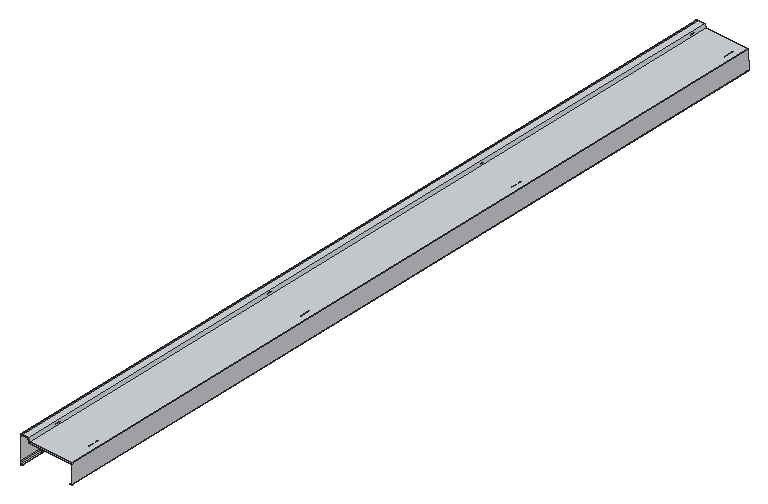
Revit family "ATBB150", category 一般モデル, Revit 2020
Family settings
  鉄筋をホスト可能 = いいえ
  丸型コネクタ寸法 = 直径を使用
  パーツ タイプ = 標準
  作業面ベース = いいえ
  常に垂直 = はい
  ロード時にボイドで切り取り = いいえ
  共有 = いいえ
  部屋計算ポイント = いいえ
Parameters
  笠木長さ [instance] = 2500 mm
  既定の高さ = 0 mm
  定尺笠木長さ = 4000 mm
  固定金具数 [instance] = 4
  判定 [instance] = if(笠木長さ > 4000 mm, 定尺笠木長さ, 笠木長さ)  # 2500 mm
Reference planes
  plane 1 "中心(正面/背面)": y = 0
  plane 2: z = 0
  plane 3 "中心(左/右)": x = 0
  plane 4: z = -43
  plane 5: x = -75
  plane 6: x = 75
  plane 7: y = -2500
  plane 8: y = -100
  plane 9: y = -2400
Forms (mm)
  Extrusion 1, solid
    sketch origin (-425.75, 0, -474.158) x (1, 0, 0) y (0, 0, 1)
      loop
        arc (352.949, 510.938) -> (351.401, 510.424) -> (350.75, 508.929) r 2
        line (350.75, 508.929) -> (350.75, 431.158) -> (356.25, 431.158)
        arc (356.25, 431.158) -> (356.603, 431.305) -> (356.75, 431.658) r 0.5
        line (356.75, 431.658) -> (356.75, 432.758) -> (352, 432.758) -> (352, 437.735) -> (352.75, 442.685) -> (352.75, 506.738)
        arc (352.75, 506.738) -> (353.402, 508.216) -> (354.933, 508.73) r 2
        line (354.933, 508.73) -> (372.602, 506.963)
        arc (372.602, 506.963) -> (373.754, 506.461) -> (374.38, 505.371) r 2
        line (374.38, 505.371) -> (376.085, 497.017) -> (497.474, 484.878)
        arc (497.474, 484.878) -> (498.741, 484.223) -> (499.25, 482.89) r 2
        line (499.25, 482.89) -> (499.25, 444.5) -> (499.996, 439.781) -> (500, 432.758) -> (495.25, 432.758) -> (495.25, 431.658)
        arc (495.25, 431.658) -> (495.396, 431.305) -> (495.75, 431.158) r 0.5
        line (495.75, 431.158) -> (500.75, 431.158)
        arc (500.75, 431.158) -> (501.103, 431.305) -> (501.25, 431.658) r 0.5
        line (501.25, 431.658) -> (501.25, 484.7)
        arc (501.25, 484.7) -> (500.741, 486.033) -> (499.474, 486.688) r 2
        line (499.474, 486.688) -> (377.75, 498.86) -> (375.75, 508.658) -> (352.949, 510.938)
    from 50 to 2500
  Extrusion 2, solid, not visible
    sketch origin (-88.167, 0, -192.945) x (1, 0, 0) y (0, 0, 1)
      loop
        arc (352.949, 510.938) -> (351.401, 510.424) -> (350.75, 508.929) r 2
        line (350.75, 508.929) -> (350.75, 431.158) -> (356.25, 431.158)
        arc (356.25, 431.158) -> (356.603, 431.305) -> (356.75, 431.658) r 0.5
        line (356.75, 431.658) -> (356.75, 432.758) -> (352, 432.758) -> (352, 437.735) -> (352.75, 442.685) -> (352.75, 506.738)
        arc (352.75, 506.738) -> (353.402, 508.216) -> (354.933, 508.73) r 2
        line (354.933, 508.73) -> (372.602, 506.963)
        arc (372.602, 506.963) -> (373.754, 506.461) -> (374.38, 505.371) r 2
        line (374.38, 505.371) -> (376.085, 497.017) -> (497.474, 484.878)
        arc (497.474, 484.878) -> (498.741, 484.223) -> (499.25, 482.89) r 2
        line (499.25, 482.89) -> (499.25, 444.5) -> (499.996, 439.781) -> (500, 432.758) -> (495.25, 432.758) -> (495.25, 431.658)
        arc (495.25, 431.658) -> (495.396, 431.305) -> (495.75, 431.158) r 0.5
        line (495.75, 431.158) -> (500.75, 431.158)
        arc (500.75, 431.158) -> (501.103, 431.305) -> (501.25, 431.658) r 0.5
        line (501.25, 431.658) -> (501.25, 484.7)
        arc (501.25, 484.7) -> (500.741, 486.033) -> (499.474, 486.688) r 2
        line (499.474, 486.688) -> (377.75, 498.86) -> (375.75, 508.658) -> (352.949, 510.938)
    from 0 to 250
Dimensions and locks
  locked: plane 4 to plane 2 at 43
  locked: plane 5 to plane 3 "中心(左/右)" at 75
  plane 5 to plane 6 = 150 mm
  "笠木長さ": plane 7 to plane 1 "中心(正面/背面)"
  locked: plane 8 to plane 1 "中心(正面/背面)" at 100
  locked: plane 9 to plane 7 at 100
  locked: plane 8 to nested 1 at 25
  nested 1 to Extrusion 1 = 73.5 mm
  equal spacing: group 2, group 4, group 5, group 3  (x2)
  equal spacing: group 3, group 5, group 4, group 2
  locked: nested 2 to plane 9 at 25
  "判定": Extrusion 1 to plane 1 "中心(正面/背面)"
  aligned and locked: level to plane 2
  aligned and locked: plane 5 to Extrusion 1
  aligned and locked: plane 4 to Extrusion 1
  aligned and locked: plane 7 to Extrusion 1
Automatic sketch dimensions
  Extrusion 1 sketch curve to plane 4 = 0 mm  (x2)
  plane 5 to Extrusion 1 sketch curve = 0 mm
  Extrusion 1 sketch curve to plane 5 = 1.25 mm
  Extrusion 1 sketch curve to plane 5 = 2 mm  (x2)
  Extrusion 1 sketch curve to Extrusion 1 sketch curve = 2 mm
  Extrusion 1 sketch curve to Extrusion 1 sketch curve = 0.183 mm
  Extrusion 1 sketch curve to plane 4 = 0.5 mm  (x3)
  Extrusion 1 sketch curve to Extrusion 1 sketch curve = 4.25 mm
  Extrusion 1 sketch curve to Extrusion 1 sketch curve = 0.5 mm  (x2)
  Extrusion 1 sketch curve to Extrusion 1 sketch curve = 17.67 mm
  Extrusion 1 sketch curve to Extrusion 1 sketch curve = 0.182 mm
  Extrusion 1 sketch curve to Extrusion 1 sketch curve = 3.148 mm
  Extrusion 1 sketch curve to Extrusion 1 sketch curve = 3.665 mm
  Extrusion 1 sketch curve to Extrusion 1 sketch curve = 1.665 mm
  Extrusion 1 sketch curve to plane 4 = 1.6 mm
  plane 6 to Extrusion 1 sketch curve = 5.5 mm
  plane 6 to Extrusion 1 sketch curve = 3.5 mm
  Extrusion 1 sketch curve to Extrusion 1 sketch curve = 0.224 mm
  plane 6 to Extrusion 1 sketch curve = 1.5 mm  (x2)
  plane 6 to Extrusion 1 sketch curve = 1.276 mm
  plane 6 to Extrusion 1 sketch curve = 0.754 mm
  plane 6 to Extrusion 1 sketch curve = 0.75 mm
  plane 6 to Extrusion 1 sketch curve = 0 mm  (x2)
  Extrusion 1 sketch curve to Extrusion 1 sketch curve = 1.1 mm
  Extrusion 1 sketch curve to Extrusion 1 sketch curve = 4.977 mm
  Extrusion 1 sketch curve to Extrusion 1 sketch curve = 7.023 mm
  Extrusion 1 sketch curve to Extrusion 1 sketch curve = 4.949 mm
  Extrusion 1 sketch curve to Extrusion 1 sketch curve = 4.719 mm
  level to Extrusion 1 sketch curve = 8.732 mm
  Extrusion 1 sketch curve to Extrusion 1 sketch curve = 1.81 mm
  Extrusion 1 sketch curve to Extrusion 1 sketch curve = 0.177 mm
  Extrusion 1 sketch curve to Extrusion 1 sketch curve = 1.987 mm
  level to Extrusion 1 sketch curve = 22.859 mm
  Extrusion 1 sketch curve to Extrusion 1 sketch curve = 1.843 mm
  Extrusion 1 sketch curve to Extrusion 1 sketch curve = 6.111 mm
  Extrusion 1 sketch curve to Extrusion 1 sketch curve = 1.767 mm
  Extrusion 1 sketch curve to Extrusion 1 sketch curve = 1.992 mm  (x2)
  Extrusion 1 sketch curve to Extrusion 1 sketch curve = 1.695 mm
  Extrusion 1 sketch curve to Extrusion 1 sketch curve = 2.19 mm
  Extrusion 1 sketch curve to Extrusion 1 sketch curve = 0.019 mm
  Extrusion 1 sketch curve to Extrusion 1 sketch curve = 0.199 mm
  Extrusion 1 sketch curve to Extrusion 1 sketch curve = 0 mm  (x13)
  Extrusion 1 sketch curve to Extrusion 1 sketch curve = 1.96 mm
  Extrusion 1 sketch curve to plane 6 = 0.5 mm
Nested families
  nested 1: "ATAF150" at (0, -75, 0), type "ATAF150"
  nested 2: "ATAF150" at (0, -2375, 0), type "ATAF150"
  nested 3: "ATAF150" at (0, -841.667, 0), type "ATAF150"
  nested 4: "ATAF150" at (0, -1608.333, 0), type "ATAF150"
Definition of nested family "ATAF150"
  Parameters
    Default Elevation = 0 mm
  Reference planes
    plane 1 "中心(正面/背面)": y = 0
    plane 2: z = 0
    plane 3 "中心(左/右)": x = 0
    plane 4: x = -73.5
    plane 5: x = 73.5
  Forms (mm)
    Extrusion 1, solid
      sketch origin (-426, 0, -474.158) x (1, 0, 0) y (0, 0, 1)
        loop
          line (357.572, 474.508) -> (352.5, 441.035) -> (352.5, 432.758) -> (353.837, 432.758) -> (363.077, 489.494)
          arc (363.077, 489.494) -> (364.608, 492.038) -> (367.47, 492.826) r 4
          line (367.47, 492.826) -> (381.303, 491.186)
          arc (381.303, 491.186) -> (382.872, 490.362) -> (383.5, 488.705) r 2.5
          line (383.5, 488.705) -> (383.5, 474.158) -> (474.4, 474.158) -> (474.4, 479.686)
          arc (474.4, 479.686) -> (475.222, 481.538) -> (477.147, 482.173) r 2.5
          line (477.147, 482.173) -> (487.289, 481.168)
          arc (487.289, 481.168) -> (489.619, 480.116) -> (490.836, 477.868) r 4
          line (490.836, 477.868) -> (498, 435.353) -> (498, 432.758) -> (499.5, 432.758) -> (499.5, 442.919) -> (494.3, 475.799) -> (493, 484.018) -> (471.499, 486.15) -> (471, 484.121) -> (471, 479.938)
          arc (471, 479.938) -> (470.395, 478.505) -> (468.947, 477.939) r 2
          line (468.947, 477.939) -> (451.247, 478.258) -> (444.033, 478.258) -> (406.664, 478.258) -> (401.246, 478.258) -> (391.047, 478.088)
          arc (391.047, 478.088) -> (388.188, 479.243) -> (386.991, 482.088) r 4
          line (386.991, 482.088) -> (386.991, 490.194) -> (386, 494.154) -> (361, 497.118) -> (357.572, 474.508)
      from 0 to 50
    Extrusion 2, solid, not visible
      sketch origin (0, 0, 0) x (1, 0, 0) y (0, 0, 1)
        loop
          line (357.572, 474.508) -> (352.5, 441.035) -> (352.5, 432.758) -> (353.837, 432.758) -> (363.077, 489.494)
          arc (363.077, 489.494) -> (364.608, 492.038) -> (367.47, 492.826) r 4
          line (367.47, 492.826) -> (381.303, 491.186)
          arc (381.303, 491.186) -> (382.872, 490.362) -> (383.5, 488.705) r 2.5
          line (383.5, 488.705) -> (383.5, 474.158) -> (474.4, 474.158) -> (474.4, 479.686)
          arc (474.4, 479.686) -> (475.222, 481.538) -> (477.147, 482.173) r 2.5
          line (477.147, 482.173) -> (487.289, 481.168)
          arc (487.289, 481.168) -> (489.619, 480.116) -> (490.836, 477.868) r 4
          line (490.836, 477.868) -> (498, 435.353) -> (498, 432.758) -> (499.5, 432.758) -> (499.5, 442.919) -> (494.3, 475.799) -> (493, 484.018) -> (471.499, 486.15) -> (471, 484.121) -> (471, 479.938)
          arc (471, 479.938) -> (470.395, 478.505) -> (468.947, 477.939) r 2
          line (468.947, 477.939) -> (451.247, 478.258) -> (444.033, 478.258) -> (406.664, 478.258) -> (401.246, 478.258) -> (391.047, 478.088)
          arc (391.047, 478.088) -> (388.188, 479.243) -> (386.991, 482.088) r 4
          line (386.991, 482.088) -> (386.991, 490.194) -> (386, 494.154) -> (361, 497.118) -> (357.572, 474.508)
      from 0 to 50
  Dimensions and locks
    locked: plane 4 to plane 3 "中心(左/右)" at 73.5
    plane 5 to plane 3 "中心(左/右)" = 73.5 mm
    aligned and locked: level to plane 2
    aligned and locked: Extrusion 1 to level
    aligned and locked: plane 4 to Extrusion 1
